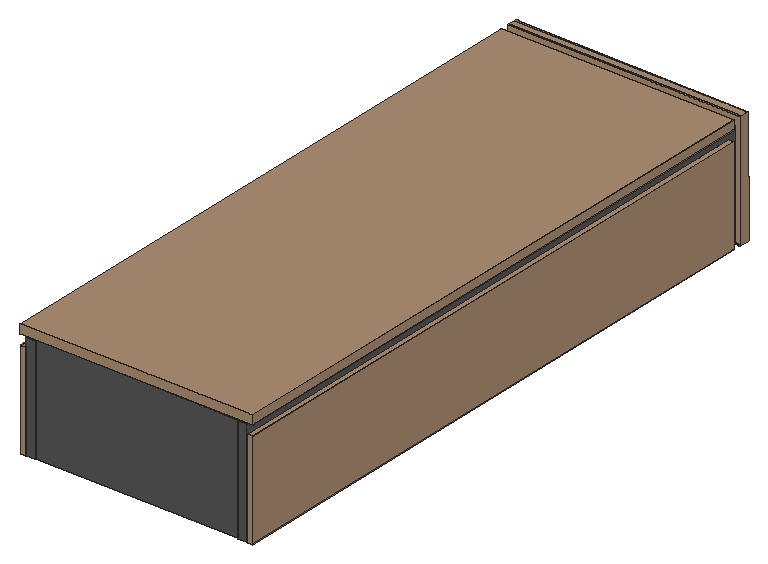
Revit family "Sanitary_Compound-Units_hansgrohe_54281XXX-Xilesa-E-Mid-height-cabinet_400-200_hinge-left", category Furniture, host Face, Revit 2022
Family settings
  Host = Face
  OmniClass Number = 23.21.19.15.33.13
  OmniClass Title = Residential Bathroom Specialty Casework
  Cut with Voids When Loaded = No
  Render Appearance Source = Family Geometry
  Shared = No
  Room Calculation Point = No
Parameters (values of type "550 Cashmere Oak")
  Version = 1  # constant formula
  URL = "https://www.hansgrohe.com/"
  Product data url = "https://www.bimobject.com/en/hansgrohe/product/54281XXX"
  Product Page URL = "https://www.hansgrohe.com/articledetail--54281550"
  Model = "54281XXX"  # constant formula
  Material 3 = Hansgrohe - Metal - Black
  Material 2 = Hansgrohe - MDF - Matt Black
  Material 1 = Hansgrohe - MDF - 550 Cashmere Oak (vertical)
  Manufacturer = "Hansgrohe"  # constant formula
  Height = 0 mm
  Description = "Xilesa E Mid-height cabinet 400/200, door hinge left"  # constant formula
  Default Elevation = 0 mm
  Date Updated = ""
  Date Created = "2024/02/03"  # constant formula
Types (5, lengths in mm): name | Material 1
  (no name) | Hansgrohe - MDF - 550 Cashmere Oak (vertical)
  550 Cashmere Oak | Hansgrohe - MDF - 550 Cashmere Oak (vertical)
  700 Matt White | Hansgrohe - MDF - 700 Matt White
  760 Slate Matt Grey | Hansgrohe - MDF - 760 Slate Matt Grey
  780 Sand Matt Beige | Hansgrohe - MDF - 780 Sand Matt Beige
Reference planes
  plane 1 "Center (Front/Back)": y = 0
  plane 2: z = 0
  plane 3 "Center (Left/Right)": x = 0
  plane 4: x = -200
  plane 5: x = 200
  plane 6: y = -1065
  plane 7: z = 200
Dimensions and locks
  aligned and locked: plane 2 to host face
  aligned and locked: level to host face
Nested families
  nested 1: "54281XXX" at (0, -1065, 0) x (1, 0, 0) z (0, 1, 0), Material 1 <- "Material 1", Material 2 <- "Material 2", Material 3 <- "Material 3", type "54281XXX"
    with Material 3 Hansgrohe - Metal - Black, Material 2 Hansgrohe - MDF - Matt Black, Material 1 Hansgrohe - MDF - 550 Cashmere Oak (vertical)
Definition of nested family "54281XXX"
  Parameters (values of type "54281XXX")
    Version = 1  # constant formula
    URL = "https://www.hansgrohe.com/"
    Product data url = "https://www.bimobject.com/en/hansgrohe/product/54281XXX"
    Product Page URL = "https://www.hansgrohe.com/articledetail--54281550"
    Model = "54281XXX"  # constant formula
    Material 3 [instance] = none
    Material 2 [instance] = none
    Material 1 [instance] = none
    Manufacturer = "Hansgrohe"  # constant formula
    Description = "Xilesa E Mid-height cabinet 400/200, door hinge left"  # constant formula
    Default Elevation = 1219.2 mm
    Date Updated = ""
    Date Created = "2024/12/16"  # constant formula
  Reference planes
    plane 1 "Center (Front/Back)": y = 0
    plane 2: z = 0
    plane 3 "Center (Left/Right)": x = 0
  Forms (mm)
    Extrusion 1, solid, material <- "Material 1", detail levels medium+fine
      sketch origin (0, 0, 0) x (1, 0, 0) y (0, 1, 0)
        loop
          line (-190.6, 0) -> (-199.2, 0)
          arc (-199.2, 0) -> (-199.766, -0.234) -> (-200, -0.8) r 0.8
          line (-200, -0.8) -> (-200, -165.9)
          arc (-200, -165.9) -> (-199.766, -166.466) -> (-199.2, -166.7) r 0.8
          line (-199.2, -166.7) -> (-190.6, -166.7)
          arc (-190.6, -166.7) -> (-190.034, -166.466) -> (-189.8, -165.9) r 0.8
          line (-189.8, -165.9) -> (-189.8, -0.8)
          arc (-189.8, -0.8) -> (-190.034, -0.234) -> (-190.6, 0) r 0.8
        loop
          arc (190.6, 0) -> (190.034, -0.234) -> (189.8, -0.8) r 0.8
          line (189.8, -0.8) -> (189.8, -165.9)
          arc (189.8, -165.9) -> (190.034, -166.466) -> (190.6, -166.7) r 0.8
          line (190.6, -166.7) -> (199.2, -166.7)
          arc (199.2, -166.7) -> (199.766, -166.466) -> (200, -165.9) r 0.8
          line (200, -165.9) -> (200, -0.8)
          arc (200, -0.8) -> (199.766, -0.234) -> (199.2, 0) r 0.8
          line (199.2, 0) -> (190.6, 0)
      from 0 to 1034
    Extrusion 2, solid, material <- "Material 1", detail levels medium+fine
      sketch origin (0, 0, 0) x (1, 0, 0) y (0, 1, 0)
        loop
          line (-199.2, -200) -> (199.2, -200)
          arc (199.2, -200) -> (199.766, -199.766) -> (200, -199.2) r 0.8
          line (200, -199.2) -> (200, -184.5)
          arc (200, -184.5) -> (199.766, -183.934) -> (199.2, -183.7) r 0.8
          line (199.2, -183.7) -> (-199.2, -183.7)
          arc (-199.2, -183.7) -> (-199.766, -183.934) -> (-200, -184.5) r 0.8
          line (-200, -184.5) -> (-200, -199.2)
          arc (-200, -199.2) -> (-199.766, -199.766) -> (-199.2, -200) r 0.8
      from 0 to 1034
    Extrusion 3, solid, material <- "Material 2", detail levels medium+fine
      sketch origin (0, 0, 0) x (1, 0, 0) y (0, 1, 0)
        loop
          line (-189.8, -0.8) -> (-189.8, -180.9)
          arc (-189.8, -180.9) -> (-189.566, -181.466) -> (-189, -181.7) r 0.8
          line (-189, -181.7) -> (-174.6, -181.7)
          arc (-174.6, -181.7) -> (-174.034, -181.466) -> (-173.8, -180.9) r 0.8
          line (-173.8, -180.9) -> (-173.8, -0.8)
          arc (-173.8, -0.8) -> (-174.034, -0.234) -> (-174.6, 0) r 0.8
          line (-174.6, 0) -> (-189, 0)
          arc (-189, 0) -> (-189.566, -0.234) -> (-189.8, -0.8) r 0.8
        loop
          arc (189.8, -0.8) -> (189.566, -0.234) -> (189, 0) r 0.8
          line (189, 0) -> (174.6, 0)
          arc (174.6, 0) -> (174.034, -0.234) -> (173.8, -0.8) r 0.8
          line (173.8, -0.8) -> (173.8, -180.9)
          arc (173.8, -180.9) -> (174.034, -181.466) -> (174.6, -181.7) r 0.8
          line (174.6, -181.7) -> (189, -181.7)
          arc (189, -181.7) -> (189.566, -181.466) -> (189.8, -180.9) r 0.8
          line (189.8, -180.9) -> (189.8, -0.8)
      from 0 to 1049
    Extrusion 4, solid, material <- "Material 2", detail levels fine
      sketch origin (0, 0, 0) x (1, 0, 0) y (0, 1, 0)
        loop
          line (-173.8, -17) -> (-173.8, -20) -> (173.8, -20) -> (173.8, -17) -> (-173.8, -17)
      from 17 to 1049
    Extrusion 5, solid, material <- "Material 2", detail levels fine
      sketch origin (0, 0, 0) x (1, 0, 0) y (0, 1, 0)
        loop
          line (-173.8, -1) -> (-173.8, -183.7) -> (173.8, -183.7) -> (173.8, -1) -> (-173.8, -1)
      from 0 to 17
    Extrusion 6, solid, material <- "Material 3", detail levels fine
      sketch origin (0, 0, 0) x (1, 0, 0) y (0, 1, 0)
        loop
          line (-172.3, -178.9) -> (-172.3, -161.2) -> (-173.8, -161.2) -> (-173.8, -178.9)
          arc (-173.8, -178.9) -> (-173.126, -180.526) -> (-171.5, -181.2) r 2.3
          line (-171.5, -181.2) -> (171.5, -181.2)
          arc (171.5, -181.2) -> (173.126, -180.526) -> (173.8, -178.9) r 2.3
          line (173.8, -178.9) -> (173.8, -161.2) -> (172.3, -161.2) -> (172.3, -178.9)
          arc (172.3, -178.9) -> (172.066, -179.466) -> (171.5, -179.7) r 0.8
          line (171.5, -179.7) -> (-171.5, -179.7)
          arc (-171.5, -179.7) -> (-172.066, -179.466) -> (-172.3, -178.9) r 0.8
      from 1016.75 to 1046.75
    Extrusion 7, solid, material <- "Material 1", detail levels coarse
      sketch origin (0, 0, 0) x (1, 0, 0) y (0, 1, 0)
        loop
          line (-200, 0) -> (-200, -200) -> (200, -200) -> (200, 0) -> (-200, 0)
      from 0 to 1065
    Extrusion 8, solid, material <- "Material 3", detail levels fine
      sketch origin (-30, 38, 437.999) x (1, 0, 0) y (0, 0, 1)
        loop
          line (-119.8, 482) -> (-119.8, 540)
          arc (-119.8, 540) -> (-120.972, 542.829) -> (-123.8, 544) r 4
          line (-123.8, 544) -> (-138.8, 544)
          arc (-138.8, 544) -> (-141.628, 542.829) -> (-142.8, 540) r 4
          line (-142.8, 540) -> (-142.8, 482)
          arc (-142.8, 482) -> (-141.628, 479.172) -> (-138.8, 478) r 4
          line (-138.8, 478) -> (-123.8, 478)
          arc (-123.8, 478) -> (-120.972, 479.172) -> (-119.8, 482) r 4
      from 218.9 to 221.7
    Extrusion 9, solid, material <- "Material 3", detail levels fine
      sketch origin (-30, 38, 437.999) x (0, 1, 0) y (0, 0, 1)
        loop
          line (-149.706, 520.501) -> (-172.206, 520.501)
          arc (-172.206, 520.501) -> (-175.035, 521.672) -> (-176.206, 524.501) r 4
          line (-176.206, 524.501) -> (-176.206, 532.501)
          arc (-176.206, 532.501) -> (-176.938, 534.268) -> (-178.706, 535.001) r 2.5
          line (-178.706, 535.001) -> (-188.706, 535.001)
          arc (-188.706, 535.001) -> (-190.474, 534.268) -> (-191.206, 532.501) r 2.5
          line (-191.206, 532.501) -> (-191.206, 524.501)
          arc (-191.206, 524.501) -> (-192.378, 521.672) -> (-195.206, 520.501) r 4
          line (-195.206, 520.501) -> (-206.544, 520.501) -> (-206.544, 501.501) -> (-195.206, 501.501)
          arc (-195.206, 501.501) -> (-192.378, 500.329) -> (-191.206, 497.501) r 4
          line (-191.206, 497.501) -> (-191.206, 489.501)
          arc (-191.206, 489.501) -> (-190.474, 487.733) -> (-188.706, 487.001) r 2.5
          line (-188.706, 487.001) -> (-178.706, 487.001)
          arc (-178.706, 487.001) -> (-176.938, 487.733) -> (-176.206, 489.501) r 2.5
          line (-176.206, 489.501) -> (-176.206, 497.501)
          arc (-176.206, 497.501) -> (-175.035, 500.329) -> (-172.206, 501.501) r 4
          line (-172.206, 501.501) -> (-149.706, 501.501)
          arc (-149.706, 501.501) -> (-147.938, 502.233) -> (-147.206, 504.001) r 2.5
          line (-147.206, 504.001) -> (-147.206, 518.001)
          arc (-147.206, 518.001) -> (-147.938, 519.768) -> (-149.706, 520.501) r 2.5
      from -143.8 to -140.45
    Extrusion 10, solid, material <- "Material 3", detail levels fine
      sketch origin (-30, 38, 437.999) x (1, 0, 0) y (0, 1, 0)
        loop
          line (-126.45, -219.2) -> (-130.658, -160.187) -> (-133.066, -160.422) -> (-138.299, -155.486) -> (-138.299, -147.206) -> (-140.45, -147.206) -> (-140.45, -219.2) -> (-126.45, -219.2)
      from 504.25 to 517.75
    Extrusion 11, solid, material <- "Material 3", detail levels fine
      sketch origin (-30, 38, -426.001) x (1, 0, 0) y (0, 0, 1)
        loop
          line (-119.8, 482) -> (-119.8, 540)
          arc (-119.8, 540) -> (-120.972, 542.829) -> (-123.8, 544) r 4
          line (-123.8, 544) -> (-138.8, 544)
          arc (-138.8, 544) -> (-141.628, 542.829) -> (-142.8, 540) r 4
          line (-142.8, 540) -> (-142.8, 482)
          arc (-142.8, 482) -> (-141.628, 479.172) -> (-138.8, 478) r 4
          line (-138.8, 478) -> (-123.8, 478)
          arc (-123.8, 478) -> (-120.972, 479.172) -> (-119.8, 482) r 4
      from 218.9 to 221.7
    Extrusion 12, solid, material <- "Material 3", detail levels fine
      sketch origin (-30, 38, -426.001) x (0, 1, 0) y (0, 0, 1)
        loop
          line (-149.706, 520.501) -> (-172.206, 520.501)
          arc (-172.206, 520.501) -> (-175.035, 521.672) -> (-176.206, 524.501) r 4
          line (-176.206, 524.501) -> (-176.206, 532.501)
          arc (-176.206, 532.501) -> (-176.938, 534.268) -> (-178.706, 535.001) r 2.5
          line (-178.706, 535.001) -> (-188.706, 535.001)
          arc (-188.706, 535.001) -> (-190.474, 534.268) -> (-191.206, 532.501) r 2.5
          line (-191.206, 532.501) -> (-191.206, 524.501)
          arc (-191.206, 524.501) -> (-192.378, 521.672) -> (-195.206, 520.501) r 4
          line (-195.206, 520.501) -> (-206.544, 520.501) -> (-206.544, 501.501) -> (-195.206, 501.501)
          arc (-195.206, 501.501) -> (-192.378, 500.329) -> (-191.206, 497.501) r 4
          line (-191.206, 497.501) -> (-191.206, 489.501)
          arc (-191.206, 489.501) -> (-190.474, 487.733) -> (-188.706, 487.001) r 2.5
          line (-188.706, 487.001) -> (-178.706, 487.001)
          arc (-178.706, 487.001) -> (-176.938, 487.733) -> (-176.206, 489.501) r 2.5
          line (-176.206, 489.501) -> (-176.206, 497.501)
          arc (-176.206, 497.501) -> (-175.035, 500.329) -> (-172.206, 501.501) r 4
          line (-172.206, 501.501) -> (-149.706, 501.501)
          arc (-149.706, 501.501) -> (-147.938, 502.233) -> (-147.206, 504.001) r 2.5
          line (-147.206, 504.001) -> (-147.206, 518.001)
          arc (-147.206, 518.001) -> (-147.938, 519.768) -> (-149.706, 520.501) r 2.5
      from -143.8 to -140.45
    Extrusion 13, solid, material <- "Material 3", detail levels fine
      sketch origin (-30, 38, -426.001) x (1, 0, 0) y (0, 1, 0)
        loop
          line (-126.45, -219.2) -> (-130.658, -160.187) -> (-133.066, -160.422) -> (-138.299, -155.486) -> (-138.299, -147.206) -> (-140.45, -147.206) -> (-140.45, -219.2) -> (-126.45, -219.2)
      from 504.25 to 517.75
    Extrusion 14, solid, material <- "Material 1", detail levels medium+fine
      sketch origin (0, 0, 0) x (0, 1, 0) y (0, 0, 1)
        loop
          line (-199, 1049) -> (-1, 1049)
          arc (-1, 1049) -> (-0.293, 1049.293) -> (0, 1050) r 1
          line (0, 1050) -> (0, 1064)
          arc (0, 1064) -> (-0.293, 1064.707) -> (-1, 1065) r 1
          line (-1, 1065) -> (-199, 1065)
          arc (-199, 1065) -> (-199.707, 1064.707) -> (-200, 1064) r 1
          line (-200, 1064) -> (-200, 1050)
          arc (-200, 1050) -> (-199.707, 1049.293) -> (-199, 1049) r 1
      from -200 to 200
  Lines and regions (mm)
    Masking region 1
      outline origin (0, 0, 0) x (1, 0, 0) y (0, 0, 1)
        loop
          line (0, 1065) -> (-199, 1065)
          arc (-199, 1065) -> (-199.707, 1064.707) -> (-200, 1064) r 1
          line (-200, 1064) -> (-200, 1050)
          arc (-200, 1050) -> (-199.707, 1049.293) -> (-199, 1049) r 1
          line (-199, 1049) -> (-189.8, 1049) -> (-189.8, 1034) -> (-199, 1034)
          arc (-199, 1034) -> (-199.707, 1033.707) -> (-200, 1033) r 1
          line (-200, 1033) -> (-200, 1)
          arc (-200, 1) -> (-199.707, 0.293) -> (-199, 0) r 1
          line (-199, 0) -> (0, 0) -> (199, 0)
          arc (199, 0) -> (199.707, 0.293) -> (200, 1) r 1
          line (200, 1) -> (200, 1033)
          arc (200, 1033) -> (199.707, 1033.707) -> (199, 1034) r 1
          line (199, 1034) -> (189.8, 1034) -> (189.8, 1049) -> (199, 1049)
          arc (199, 1049) -> (199.707, 1049.293) -> (200, 1050) r 1
          line (200, 1050) -> (200, 1064)
          arc (200, 1064) -> (199.707, 1064.707) -> (199, 1065) r 1
          line (199, 1065) -> (0, 1065)
    Masking region 2
      outline origin (0, 0, 0) x (0, 1, 0) y (0, 0, 1)
        loop
          line (-1, 1065) -> (-199, 1065)
          arc (-199, 1065) -> (-199.707, 1064.707) -> (-200, 1064) r 1
          line (-200, 1064) -> (-200, 1050)
          arc (-200, 1050) -> (-199.707, 1049.293) -> (-199, 1049) r 1
          line (-199, 1049) -> (-181.7, 1049) -> (-181.7, 1018.107) -> (-183.7, 1018.317) -> (-183.7, 1033)
          arc (-183.7, 1033) -> (-183.993, 1033.707) -> (-184.7, 1034) r 1
          line (-184.7, 1034) -> (-199, 1034)
          arc (-199, 1034) -> (-199.707, 1033.707) -> (-200, 1033) r 1
          line (-200, 1033) -> (-200, 1)
          arc (-200, 1) -> (-199.707, 0.293) -> (-199, 0) r 1
          line (-199, 0) -> (-184.7, 0)
          arc (-184.7, 0) -> (-183.993, 0.293) -> (-183.7, 1) r 1
          line (-183.7, 1) -> (-183.7, 15.692) -> (-181.7, 15.867) -> (-181.7, 1)
          arc (-181.7, 1) -> (-181.407, 0.293) -> (-180.7, 0) r 1
          line (-180.7, 0) -> (-1, 0)
          arc (-1, 0) -> (-0.293, 0.293) -> (0, 1) r 1
          line (0, 1) -> (0, 1064)
          arc (0, 1064) -> (-0.293, 1064.707) -> (-1, 1065) r 1
    Masking region 3
      outline origin (0, 0, 0) x (1, 0, 0) y (0, 1, 0)
        loop
          line (-199, -200) -> (199, -200)
          arc (199, -200) -> (199.707, -199.707) -> (200, -199) r 1
          line (200, -199) -> (200, -1)
          arc (200, -1) -> (199.707, -0.293) -> (199, 0) r 1
          line (199, 0) -> (-199, 0)
          arc (-199, 0) -> (-199.707, -0.293) -> (-200, -1) r 1
          line (-200, -1) -> (-200, -199)
          arc (-200, -199) -> (-199.707, -199.707) -> (-199, -200) r 1
    symbolic lines, detail levels medium+fine
      curve 1: line (0, -181.7, 1049) -> (0, 0, 1049)
      curve 2: line (0, -183.7, 1018.317) -> (0, -183.7, 15.692)
      curve 3: line (0, -181.7, 15.867) -> (0, -181.7, 1018.107)
      curve 7: line (0, -183.7, 1009.71) -> (0, -181.7, 1009.885)
      curve 8: line (0, -183.7, 24.317) -> (0, -181.7, 24.107)
      curve 9: line (-189.8, 0, 1034) -> (0, 0, 1034)
      curve 11: line (-189.8, 0, 1049) -> (0, 0, 1049)
      curve 12: line (189.8, 0, 1034) -> (0, 0, 1034)
      curve 14: line (189.8, 0, 1049) -> (0, 0, 1049)
    symbolic lines, detail levels fine
      curve 4: line (0, -166.7, 1033) -> (0, -166.7, 0)
      curve 5: line (0, 0, 1034) -> (0, -165.7, 1034)
      curve 6: arc (0, -165.7, 1034) -> (0, -166.407, 1033.707) -> (0, -166.7, 1033) r 1
      curve 10: line (-173.8, 0, 1034) -> (-173.8, 0, 1049)
      curve 13: line (173.8, 0, 1034) -> (173.8, 0, 1049)
  Dimensions and locks
    aligned and locked: level to plane 2
